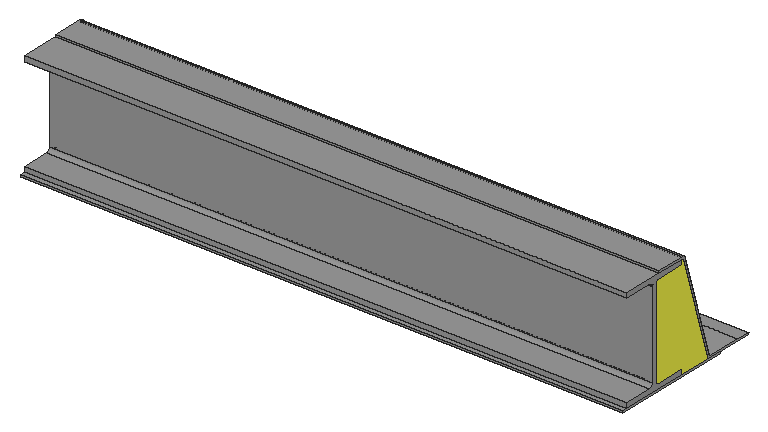
Revit family "XK 70 WIL", category Generic Models, Revit 2014
Parameters (values of type "Max lintel length 6600mm")
  URL = "http://www.keystonelintels.co.uk"
  Structural Opening [instance] = 900 mm
  Structural Performance = "The Keystone lintel range has safe working loads as detailed in each applicable loading table in the Keystone Lintel Guide brochure. The structural performance figures within each table have been ascertained by testing in accordance with the requirements of standards BS EN 5977-2: 1983 and BS EN 845-2: 2003."
  RIBA Productor Selector = "available for Keystone Lintels Ltd from Keystone Lintels Ltd from ribaproductselector.com"
  Model = "X/K 70 WIL"
  Min Length = 600 mm
  Min Clear Span = 300 mm
  Max Length = 6600 mm
  Max Clear Span = 6600 mm
  Material - Stainless Steel = "Grade 304 2b 1.4307 to BS EN 10088-2. Other grades available on request: contact manufacturer."
  Material - Galvanised Steel = "To BS EN 10346: 2009. DX51D plus Z600 or grade Z275 to BS 5977-2: 1983 (BS EN 845-2: 2003)."
  Manufacturer = "Keystone"
  Manufactured Length [instance] = (roundup(Effective Length / 150 mm) * 150 mm)  # 1200 mm
  Lintel height [instance] = 2100 mm
  Keynote = "F30/755"
  Fire Performance = "Keystone lintels have been subjected to a fire test (WARRES No. 101263) in accordance with BS 476-20: 1987, at Exova Warrington Fire and achieved a one hour fire performance."
  End Bearing = 150 mm
  Effective Length [instance] = Clear Opening with MIN MAX set + End Bearing * 2  # 1200 mm
  Corrosion = "Keystone’s standard range of lintels are manufactured from high quality grade pre-galvanized carbon steel with a zinc coating of 600"
  Contact Tel = "+44 (0)28 8676 2184"
  Contact Email = "info@keystonelintels.co.uk"
  Clear Opening with MIN MAX set [instance] = if(Structural Opening < Min Clear Span, Min Clear Span, (if(Structural Opening > Max Clear Span, Max Clear Span, Structural Opening)))  # 900 mm
  CPD Information = "Available for Keystone Lintels Ltd from ribacpd.com"
Reference planes
  plane 1 "Center (Front/Back)": y = 0
  plane 2: z = 0
  plane 3 "Center (Left/Right)": x = 0
  plane 4: x = -600
  plane 5: x = 600
  plane 6: z = 2100
  plane 7: x = -450
  plane 8: x = 450
Forms (mm)
  Extrusion 1, solid, material "Steel"
    sketch origin (0, 692.151, -506.841) x (0, 1, 0) y (0, 0, 1)
      loop
        line (-586.325, 2606.841) -> (-561.339, 2605.979) -> (-561.284, 2609.179) -> (-586.269, 2610.041) -> (-657.149, 2610.041)
        arc (-657.149, 2610.041) -> (-658.224, 2610.397) -> (-658.873, 2611.325) r 1.8
        line (-658.873, 2611.325) -> (-719.309, 2813.235)
        arc (-719.309, 2813.235) -> (-721.196, 2815.844) -> (-724.258, 2816.841) r 5.2
        line (-724.258, 2816.841) -> (-783.558, 2816.841) -> (-783.558, 2813.641) -> (-724.258, 2813.641)
        arc (-724.258, 2813.641) -> (-723.091, 2813.265) -> (-722.362, 2812.278) r 2
        line (-722.362, 2812.278) -> (-661.939, 2610.407)
        arc (-661.939, 2610.407) -> (-660.135, 2607.831) -> (-657.149, 2606.841) r 5
        line (-657.149, 2606.841) -> (-586.325, 2606.841)
    from -600 to 600
  Extrusion 2, solid, material "Steel"
    sketch origin (0, 692.151, -506.841) x (0, 1, 0) y (0, 0, 1)
      loop
        line (-862.688, 2606.841) -> (-728.788, 2606.841) -> (-728.788, 2616.441) -> (-784.938, 2616.441)
        arc (-784.938, 2616.441) -> (-790.312, 2618.667) -> (-792.538, 2624.041) r 7.6
        line (-792.538, 2624.041) -> (-792.538, 2796.441)
        arc (-792.538, 2796.441) -> (-790.312, 2801.815) -> (-784.938, 2804.041) r 7.6
        line (-784.938, 2804.041) -> (-728.788, 2804.041) -> (-728.788, 2813.641) -> (-862.688, 2813.641) -> (-862.688, 2804.041) -> (-806.538, 2804.041)
        arc (-806.538, 2804.041) -> (-801.164, 2801.815) -> (-798.938, 2796.441) r 7.6
        line (-798.938, 2796.441) -> (-798.938, 2624.041)
        arc (-798.938, 2624.041) -> (-801.164, 2618.667) -> (-806.538, 2616.441) r 7.6
        line (-806.538, 2616.441) -> (-862.688, 2616.441) -> (-862.688, 2606.841)
    from -600 to 600
  Extrusion 3, solid, material "Steel"
    sketch origin (0, 692.151, -506.841) x (0, 1, 0) y (0, 0, 1)
      loop
        line (-872.688, 2606.841) -> (-872.688, 2603.641) -> (-632.688, 2603.641) -> (-632.688, 2606.841) -> (-872.688, 2606.841)
    from -600 to 600
  Extrusion 4, solid, material "Insulation"
    sketch origin (0, 692.151, -506.841) x (0, 1, 0) y (0, 0, 1)
      loop
        line (-728.788, 2606.841) -> (-657.149, 2606.841)
        arc (-657.149, 2606.841) -> (-660.135, 2607.831) -> (-661.939, 2610.407) r 5
        line (-661.939, 2610.407) -> (-722.362, 2812.278)
        arc (-722.362, 2812.278) -> (-723.091, 2813.265) -> (-724.258, 2813.641) r 2
        line (-724.258, 2813.641) -> (-728.788, 2813.641) -> (-728.788, 2804.041) -> (-784.938, 2804.041)
        arc (-784.938, 2804.041) -> (-790.312, 2801.815) -> (-792.538, 2796.441) r 7.6
        line (-792.538, 2796.441) -> (-792.538, 2624.041)
        arc (-792.538, 2624.041) -> (-790.312, 2618.667) -> (-784.938, 2616.441) r 7.6
        line (-784.938, 2616.441) -> (-728.788, 2616.441) -> (-728.788, 2606.841)
    from -600 to 600
  Extrusion 5, solid, not visible
    sketch origin (0, 924.058, 1276.771) x (0, 1, 0) y (0, 0, 1)
      loop
        line (-586.325, 1006.841) -> (-561.339, 1005.979) -> (-561.284, 1009.179) -> (-586.269, 1010.041) -> (-657.149, 1010.041)
        arc (-657.149, 1010.041) -> (-658.224, 1010.397) -> (-658.873, 1011.325) r 1.8
        line (-658.873, 1011.325) -> (-719.309, 1213.235)
        arc (-719.309, 1213.235) -> (-721.196, 1215.844) -> (-724.258, 1216.841) r 5.2
        line (-724.258, 1216.841) -> (-783.558, 1216.841) -> (-783.558, 1213.641) -> (-724.258, 1213.641)
        arc (-724.258, 1213.641) -> (-723.091, 1213.265) -> (-722.362, 1212.278) r 2
        line (-722.362, 1212.278) -> (-661.939, 1010.407)
        arc (-661.939, 1010.407) -> (-660.135, 1007.831) -> (-657.149, 1006.841) r 5
        line (-657.149, 1006.841) -> (-586.325, 1006.841)
    from 0 to 250
  Extrusion 6, solid, not visible
    sketch origin (0, 560.194, 1181.332) x (0, 1, 0) y (0, 0, 1)
      loop
        line (-862.688, 1006.841) -> (-728.788, 1006.841) -> (-728.788, 1016.441) -> (-784.938, 1016.441)
        arc (-784.938, 1016.441) -> (-790.312, 1018.667) -> (-792.538, 1024.041) r 7.6
        line (-792.538, 1024.041) -> (-792.538, 1196.441)
        arc (-792.538, 1196.441) -> (-790.312, 1201.815) -> (-784.938, 1204.041) r 7.6
        line (-784.938, 1204.041) -> (-728.788, 1204.041) -> (-728.788, 1213.641) -> (-862.688, 1213.641) -> (-862.688, 1204.041) -> (-806.538, 1204.041)
        arc (-806.538, 1204.041) -> (-801.164, 1201.815) -> (-798.938, 1196.441) r 7.6
        line (-798.938, 1196.441) -> (-798.938, 1024.041)
        arc (-798.938, 1024.041) -> (-801.164, 1018.667) -> (-806.538, 1016.441) r 7.6
        line (-806.538, 1016.441) -> (-862.688, 1016.441) -> (-862.688, 1006.841)
    from 0 to 250
  Extrusion 7, solid, not visible
    sketch origin (0, 953.155, 988.265) x (0, 1, 0) y (0, 0, 1)
      loop
        line (-872.688, 1006.841) -> (-872.688, 1003.641) -> (-632.688, 1003.641) -> (-632.688, 1006.841) -> (-872.688, 1006.841)
    from 0 to 250
  Extrusion 8, solid, not visible
    sketch origin (0, 546.423, 832.89) x (0, 1, 0) y (0, 0, 1)
      loop
        line (-728.788, 1006.841) -> (-657.149, 1006.841)
        arc (-657.149, 1006.841) -> (-660.135, 1007.831) -> (-661.939, 1010.407) r 5
        line (-661.939, 1010.407) -> (-722.362, 1212.278)
        arc (-722.362, 1212.278) -> (-723.091, 1213.265) -> (-724.258, 1213.641) r 2
        line (-724.258, 1213.641) -> (-728.788, 1213.641) -> (-728.788, 1204.041) -> (-784.938, 1204.041)
        arc (-784.938, 1204.041) -> (-790.312, 1201.815) -> (-792.538, 1196.441) r 7.6
        line (-792.538, 1196.441) -> (-792.538, 1024.041)
        arc (-792.538, 1024.041) -> (-790.312, 1018.667) -> (-784.938, 1016.441) r 7.6
        line (-784.938, 1016.441) -> (-728.788, 1016.441) -> (-728.788, 1006.841)
    from 0 to 250
Dimensions and locks
  equal spacing: plane 4, plane 3 "Center (Left/Right)", plane 5
  "Manufactured Length": plane 4 to plane 5
  "Lintel height": plane 6 to level
  "Structural Opening": plane 7 to plane 8
  equal spacing: plane 7, plane 3 "Center (Left/Right)", plane 8
  aligned and locked: level to plane 2
  aligned and locked: Extrusion 1 to plane 6
  aligned and locked: Extrusion 4 to plane 6
  aligned and locked: Extrusion 2 to plane 6
  aligned and locked: plane 6 to Extrusion 3
  aligned and locked: plane 5 to Extrusion 2
  aligned and locked: Extrusion 2 to plane 4
  aligned and locked: plane 5 to Extrusion 3
  aligned and locked: Extrusion 3 to plane 4
  aligned and locked: Extrusion 1 to plane 4
  aligned and locked: plane 5 to Extrusion 1
  aligned and locked: plane 5 to Extrusion 4
  aligned and locked: Extrusion 4 to plane 4
Automatic sketch dimensions
  Extrusion 1 sketch curve to Extrusion 1 sketch curve = 24.985 mm
  Extrusion 1 sketch curve to Extrusion 1 sketch curve = 0.055 mm  (x2)
  Extrusion 1 sketch curve to Extrusion 1 sketch curve = 0.862 mm
  Extrusion 1 sketch curve to Extrusion 1 sketch curve = 3.2 mm  (x2)
  Extrusion 1 sketch curve to Extrusion 1 sketch curve = 70.88 mm
  Extrusion 1 sketch curve to Extrusion 1 sketch curve = 1.8 mm
  Extrusion 1 sketch curve to Extrusion 1 sketch curve = 4.79 mm
  Extrusion 1 sketch curve to Extrusion 1 sketch curve = 1.724 mm
  Extrusion 1 sketch curve to Extrusion 1 sketch curve = 60.435 mm
  Extrusion 1 sketch curve to Extrusion 1 sketch curve = 201.91 mm
  Extrusion 1 sketch curve to Extrusion 1 sketch curve = 3.054 mm
  Extrusion 1 sketch curve to Extrusion 1 sketch curve = 0.957 mm
  Extrusion 1 sketch curve to Extrusion 1 sketch curve = 1.896 mm
  Extrusion 1 sketch curve to Extrusion 1 sketch curve = 0.637 mm
  Extrusion 1 sketch curve to Extrusion 1 sketch curve = 59.3 mm
  Extrusion 2 sketch curve to Extrusion 2 sketch curve = 133.9 mm
  Extrusion 2 sketch curve to Extrusion 2 sketch curve = 9.6 mm  (x3)
  Extrusion 2 sketch curve to Extrusion 2 sketch curve = 56.15 mm  (x3)
  Extrusion 2 sketch curve to Extrusion 2 sketch curve = 7.6 mm  (x4)
  Extrusion 2 sketch curve to Extrusion 2 sketch curve = 14 mm
  Extrusion 2 sketch curve to Extrusion 2 sketch curve = 172.4 mm
  Extrusion 2 sketch curve to Extrusion 2 sketch curve = 0 mm
  Extrusion 3 sketch curve to Extrusion 3 sketch curve = 240 mm
  Extrusion 3 sketch curve to Extrusion 3 sketch curve = 3.2 mm
  Extrusion 4 sketch curve to Extrusion 4 sketch curve = 7.6 mm  (x3)
  Extrusion 4 sketch curve to Extrusion 4 sketch curve = 56.15 mm  (x2)
  Extrusion 4 sketch curve to Extrusion 4 sketch curve = 4.53 mm
  Extrusion 4 sketch curve to Extrusion 4 sketch curve = 1.896 mm
  Extrusion 4 sketch curve to Extrusion 4 sketch curve = 66.849 mm
  Extrusion 4 sketch curve to Extrusion 4 sketch curve = 3.566 mm
  Extrusion 4 sketch curve to Extrusion 4 sketch curve = 1.434 mm
  Extrusion 4 sketch curve to Extrusion 4 sketch curve = 9.6 mm
  Extrusion 4 sketch curve to Extrusion 4 sketch curve = 172.4 mm
  Extrusion 4 sketch curve to Extrusion 4 sketch curve = 0.637 mm
  Extrusion 5 sketch curve to Extrusion 5 sketch curve = 24.985 mm
  Extrusion 5 sketch curve to Extrusion 5 sketch curve = 0.055 mm  (x2)
  Extrusion 5 sketch curve to Extrusion 5 sketch curve = 0.862 mm
  Extrusion 5 sketch curve to Extrusion 5 sketch curve = 3.2 mm  (x2)
  Extrusion 5 sketch curve to Extrusion 5 sketch curve = 70.88 mm
  Extrusion 5 sketch curve to Extrusion 5 sketch curve = 1.8 mm
  Extrusion 5 sketch curve to Extrusion 5 sketch curve = 4.79 mm
  Extrusion 5 sketch curve to Extrusion 5 sketch curve = 1.724 mm
  Extrusion 5 sketch curve to Extrusion 5 sketch curve = 60.435 mm
  Extrusion 5 sketch curve to Extrusion 5 sketch curve = 201.91 mm
  Extrusion 5 sketch curve to Extrusion 5 sketch curve = 3.054 mm
  Extrusion 5 sketch curve to Extrusion 5 sketch curve = 0.957 mm
  Extrusion 5 sketch curve to Extrusion 5 sketch curve = 1.896 mm
  Extrusion 5 sketch curve to Extrusion 5 sketch curve = 0.637 mm
  Extrusion 5 sketch curve to Extrusion 5 sketch curve = 59.3 mm
  Extrusion 5 sketch curve to Extrusion 5 sketch curve = 0 mm  (x8)
  Extrusion 6 sketch curve to Extrusion 6 sketch curve = 133.9 mm
  Extrusion 6 sketch curve to Extrusion 6 sketch curve = 9.6 mm  (x3)
  Extrusion 6 sketch curve to Extrusion 6 sketch curve = 56.15 mm  (x3)
  Extrusion 6 sketch curve to Extrusion 6 sketch curve = 7.6 mm  (x4)
  Extrusion 6 sketch curve to Extrusion 6 sketch curve = 14 mm
  Extrusion 6 sketch curve to Extrusion 6 sketch curve = 172.4 mm
  Extrusion 6 sketch curve to Extrusion 6 sketch curve = 0 mm
  Extrusion 7 sketch curve to Extrusion 7 sketch curve = 240 mm
  Extrusion 7 sketch curve to Extrusion 7 sketch curve = 3.2 mm
  Extrusion 8 sketch curve to Extrusion 8 sketch curve = 7.6 mm  (x3)
  Extrusion 8 sketch curve to Extrusion 8 sketch curve = 56.15 mm  (x2)
  Extrusion 8 sketch curve to Extrusion 8 sketch curve = 4.53 mm
  Extrusion 8 sketch curve to Extrusion 8 sketch curve = 1.896 mm
  Extrusion 8 sketch curve to Extrusion 8 sketch curve = 66.849 mm
  Extrusion 8 sketch curve to Extrusion 8 sketch curve = 3.566 mm
  Extrusion 8 sketch curve to Extrusion 8 sketch curve = 1.434 mm
  Extrusion 8 sketch curve to Extrusion 8 sketch curve = 9.6 mm
  Extrusion 8 sketch curve to Extrusion 8 sketch curve = 172.4 mm
  Extrusion 8 sketch curve to Extrusion 8 sketch curve = 0.637 mm
  Extrusion 1 sketch curve to Extrusion 1 sketch curve = 0 mm  (x8)
  Extrusion 3 sketch curve to plane 6 = 0 mm
  plane 1 "Center (Front/Back)" to Extrusion 3 sketch curve = 180.537 mm
  Extrusion 2 sketch curve to plane 6 = 0 mm
  plane 1 "Center (Front/Back)" to Extrusion 2 sketch curve = 170.537 mm
  Extrusion 4 sketch curve to plane 6 = 0 mm
  plane 1 "Center (Front/Back)" to Extrusion 4 sketch curve = 100.387 mm
  Extrusion 1 sketch curve to plane 6 = 0 mm
  plane 1 "Center (Front/Back)" to Extrusion 1 sketch curve = 91.407 mm
